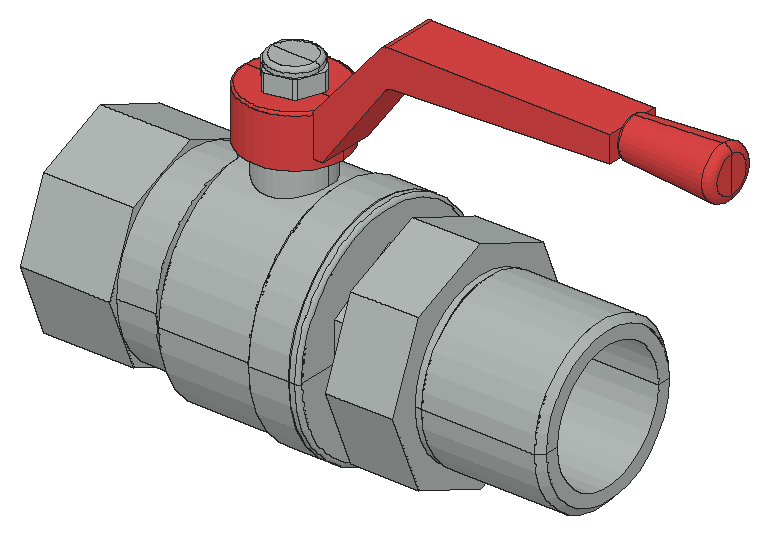
Revit family "QD02510000", category Apparecchi idraulici, Revit 2020
Family settings
  Quota connettore circolare = Usa diametro
  Tipo di parte = Normale
  Numero OmniClass = 23.45.00.00
  Titolo OmniClass = Sanitary, Laundry, and Cleaning Equipment
  Basato su piano di lavoro = No
  Sempre verticale = Sì
  Taglio con vuoti quando caricato = No
  Condiviso = No
  Punto di calcolo locali = No
Parameters
  URL = "https://web.cimberio.it/index.php/figura/1381?subcategoria_id=43096"
  Temperatura di esercizio = "-20 ÷ 120°C"
  Prospetto di default = 0 mm
  Produttore = "CIMBERIO SPA"
  Pressione nominale = "PN 32"
  Modello = "Cim 246/16"
  Materiale = "Prodotto in lega di ottone conforme alla norma EN 12165-CW617N-DW"
  Descrizione = "Utilizzato nei più svariati settori dell'impiantistica: impianti di riscaldamento, condizionamento, idrici, igienico-sanitari, aria compressa, reti di distribuzione oli, benzine, vapore saturo e in generale con ogni fluido non corrosivo"
  DN Model [instance] = QD02512180 : QD02512180
  DN [instance] = 32 mm
  Commenti sul tipo = "Realizzato in ottemperanza ai requisiti gestionali della norma EN ISO 9001.\r\nCollaudato al 100% secondo la normativa EN 12266-1"
Reference planes
  plane 1 "Centro (Fronte/Retro)": y = 0
  plane 2: z = 0
  plane 3 "Centro (Sinistra/Destra)": x = 0
Dimensions and locks
  aligned and locked: level to plane 2
Nested families
  nested 1: "QD02512180" at (0, 0, 0), type <- "DN Model", type "QD02512180"
  nested 2: "QD02512180" at (0, 0, 0), type <- "DN Model", type "QD02512180"
  nested 3: "QD02512180" at (0, 0, 0), type <- "DN Model", type "QD02512180"
  nested 4: "QD02512180" at (0, 0, 0), type <- "DN Model", type "QD02512180"
Connectors
  piping at (78.85, 0, 0), diameter 32, driven by "DN"
    settings: on nested 1, index 1, connector inside diameter 609.6 mm, connector length 0 mm, flow factor 0, pipe flow 0.0 L/s, pressure drop 0.0 Pa, fitting loss kfactor 0, connector angle 0.00°, fixture units 0, engagement length 0 mm, angle of deflection 0.00°, flow configuration 0, flow direction 0, fitting loss method 0, system type 7, joint type 0, gender type 0, connector reference index -1, connector utility 0, adjustable connector no, is connector primary yes, connector description ""
  piping at (-48.5, 0, 0), diameter 32, driven by "DN"
    settings: on nested 1, index 2, connector inside diameter 609.6 mm, connector length 0 mm, flow factor 0, pipe flow 0.0 L/s, pressure drop 0.0 Pa, fitting loss kfactor 0, connector angle 0.00°, fixture units 0, engagement length 0 mm, angle of deflection 0.00°, flow configuration 0, flow direction 0, fitting loss method 0, system type 7, joint type 0, gender type 0, connector reference index -1, connector utility 0, adjustable connector no, is connector primary no, connector description ""
Definition of nested family "QD02512180"
  Parameters (values of type "QD02512180")
    Default Elevation = 0 mm
  Reference planes
    plane 1 "Centro (Fronte/Retro)": y = 0
    plane 2: z = 0
    plane 3 "Centro (Sinistra/Destra)": x = 0
  Forms (mm)
    Revolve 1, solid
      sketch origin (2.35, 0, 0) x (1, 0, 0) y (0, 1, 0)
        loop
          line (44.5, 20.75) -> (44.5, 16) -> (46.5, 16) -> (46.5, 20.75) -> (44.5, 20.75)
        axis (44.5, 0) -> (46.5, 0)
      angle from 0 to 360
    Revolve 2, solid
      sketch origin (2.35, 0, 0) x (1, 0, 0) y (0, 1, 0)
        loop
          line (46.503, 20.95) -> (46.503, 16) -> (76.5, 16) -> (76.5, 19.25) -> (74.8, 20.95) -> (46.503, 20.95)
        axis (46.503, 0) -> (76.5, 0)
      angle from 0 to 360
    Extrusion 3, solid
      sketch origin (0, 0, -16.753) x (0.978326, 0.207071, 0) y (-0.207071, 0.978326, 0)
        loop
          arc (-2.99, 6.605) -> (-3.411, 6.398) -> (-3.817, 6.164) r 7.25
          line (-3.817, 6.164) -> (-7.215, 0.713)
          arc (-7.215, 0.713) -> (-7.246, 0.245) -> (-7.247, -0.224) r 7.25
          line (-7.247, -0.224) -> (-4.225, -5.892)
          arc (-4.225, -5.892) -> (-3.835, -6.153) -> (-3.429, -6.388) r 7.25
          line (-3.429, -6.388) -> (2.99, -6.605)
          arc (2.99, -6.605) -> (3.411, -6.398) -> (3.817, -6.164) r 7.25
          line (3.817, -6.164) -> (7.215, -0.713)
          arc (7.215, -0.713) -> (7.246, -0.245) -> (7.247, 0.224) r 7.25
          line (7.247, 0.224) -> (4.225, 5.892)
          arc (4.225, 5.892) -> (3.835, 6.153) -> (3.429, 6.388) r 7.25
          line (3.429, 6.388) -> (-2.99, 6.605)
      from 64.3 to 68.8
    Revolve 4, solid
      sketch origin (0, 0, -18.253) x (1, 0, 0) y (0, 0, 1)
        loop
          line (5.25, 72.3) -> (0, 72.3) -> (0, 70.3) -> (6.25, 70.3) -> (6.25, 71.3)
          arc (6.25, 71.3) -> (5.957, 72.007) -> (5.25, 72.3) r 1
        axis (0, 72.3) -> (0, 70.3)
      angle from 0 to 360
    Extrusion 5, solid
      sketch origin (0, 0, 0) x (0, 1, 0) y (0, 0, 1)
        loop
          circle (0, 0) r 16
        loop
          line (0, 25.45) -> (-17.996, 17.996) -> (-25.45, 0) -> (-17.996, -17.996) -> (0, -25.45) -> (17.996, -17.996) -> (25.45, 0) -> (17.996, 17.996) -> (0, 25.45)
      from -48.5 to -26
    Extrusion 6, solid
      sketch origin (0, 0, 0) x (0, 1, 0) y (0, 0, 1)
        loop
          circle (0, 0) r 16
        loop
          line (0, 27.5) -> (-19.445, 19.445) -> (-27.5, 0) -> (-19.445, -19.445) -> (0, -27.5) -> (19.445, -19.445) -> (27.5, 0) -> (19.445, 19.445) -> (0, 27.5)
      from 29.85 to 46.85
    Revolve 7, solid
      sketch origin (0, 0, 0) x (1, 0, 0) y (0, 0, 1)
        loop
          line (8.75, 22.852) -> (8.75, 41.233) -> (0.002, 41.233) -> (0.002, 22.852) -> (8.75, 22.852)
        axis (0.002, 22.852) -> (0.002, 41.233)
      angle from 0 to 360
    Extrusion 8, solid
      sketch origin (0, 0, 0) x (1, 0, 0) y (0, 0, 1)
        loop
          line (10.356, 47.286) -> (10.356, 36.933) -> (12.83, 36.933) -> (28.705, 58.731)
          arc (28.705, 58.731) -> (29.408, 59.344) -> (30.308, 59.592) r 2.1
          line (30.308, 59.592) -> (85, 62.047) -> (85, 68.547) -> (29.023, 68.547)
          arc (29.023, 68.547) -> (28.134, 68.351) -> (27.411, 67.797) r 2.1
          line (27.411, 67.797) -> (10.356, 47.286)
      from -7 to 7
    Revolve 9, solid
      sketch origin (0, 0, 0) x (1, 0, 0) y (0, 0, 1)
        loop
          line (110, 65.297) -> (110, 69.874)
          arc (110, 69.874) -> (109.355, 71.345) -> (107.836, 71.867) r 2
          line (107.836, 71.867) -> (85.758, 70.336)
          arc (85.758, 70.336) -> (85.224, 70.084) -> (85, 69.538) r 0.814
          line (85, 69.538) -> (85, 65.297) -> (110, 65.297)
        axis (85, 65.297) -> (110, 65.297)
      angle from 0 to 360
    Revolve 10, solid
      sketch origin (0, 0, 0) x (-1, 0, 0) y (0, 1, 0)
        loop
          line (-23.85, 16) -> (-21.35, 16) -> (-21.35, 28.5) -> (-22.85, 28.5)
          arc (-22.85, 28.5) -> (-23.557, 28.207) -> (-23.85, 27.5) r 1
          line (-23.85, 27.5) -> (-23.85, 16)
        axis (-23.85, 0) -> (-21.35, 0)
      angle from 0 to 360
    Revolve 11, solid
      sketch origin (0, 0, 0) x (-1, 0, 0) y (0, -1, 0)
        loop
          line (26, -23.5) -> (26, -16) -> (-21.35, -16) -> (-21.35, -28.5) -> (-11.45, -28.5) -> (-10.45, -27.5) -> (12.05, -27.5) -> (16.05, -23.5) -> (26, -23.5)
        axis (-21.35, 0) -> (26, 0)
      angle from 0 to 360
    Extrusion 12, solid
      sketch origin (0, 0, 0) x (0, 1, 0) y (0, 0, 1)
        loop
          circle (0, 0) r 16
        loop
          line (0, 20) -> (-17.321, 10) -> (-17.321, -10) -> (0, -20) -> (17.321, -10) -> (17.321, 10) -> (0, 20)
      from 23.85 to 29.85
    Extrusion 13, solid
      sketch origin (0, 0, 0) x (1, 0, 0) y (0, 0, 1)
        loop
          line (-13, 37.247) -> (-13, 23.633) -> (-8, 23.633) -> (-8, 37.247) -> (-13, 37.247)
      from -1.5 to 1.5
    Revolve 14, solid
      sketch origin (0, 0, 0) x (1, 0, 0) y (0, 0, 1)
        loop
          line (0, 47.547) -> (-12, 47.547)
          arc (-12, 47.547) -> (-12.358, 47.311) -> (-12.5, 46.907) r 0.672
          line (-12.5, 46.907) -> (-12.5, 34.555) -> (-9.054, 34.555) -> (-9.054, 41.759) -> (0, 41.759) -> (0, 47.547)
        axis (0, 47.547) -> (0, 34.555)
      angle from 0 to 360
  Dimensions and locks
    aligned and locked: level to plane 2
